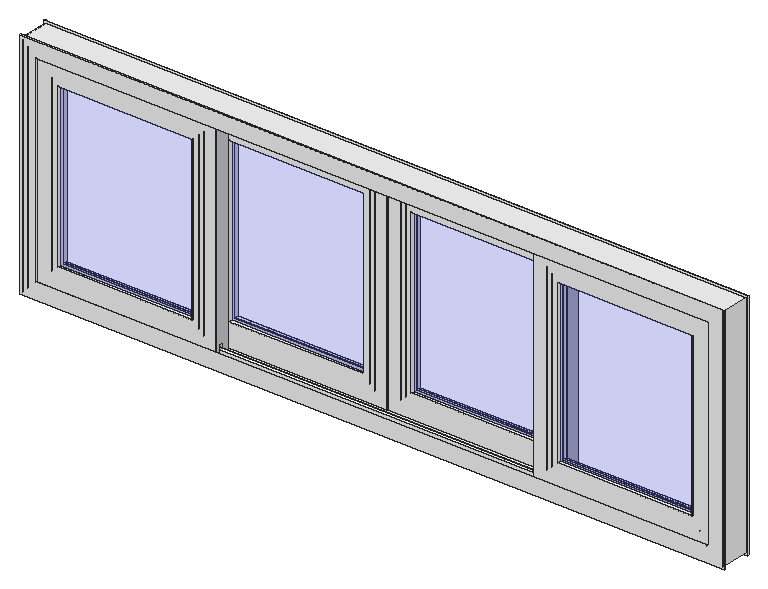
Revit family "1000_Sliding_Window_XXXX_Standard", category Windows, host Wall, Revit 2014 (continued)
Types (73, lengths in mm): name | Windload Design | Width Sash Side | Width Sash Middle | Width | Standard Interlocker | Sash Width Middle | Sash Width Sides | Sash Height | Overall Width | Overall Height | Max Pane Area | Limit Sash Width Side Max | Is Heavy Duty Mullion | Is Heavy Duty Handle | Intruderprufe U Value | Intruderprufe SHGC Value | Intruderprufe LowE U Value | Intruderprufe LowE SHGC Value | Height Sash | Height | Heavy Duty Interlocker | Heavy Duty Handle | Energy Advantage U Value | Energy Advantage SHGC Value | Custom Window Width | Custom Window Height | Custom Windload | Clearvue U Value | Clearvue SHGC Value | Area Middle Sash Glazing | Area Side Sash Glazing
  1000SW-2406XXXX-2000Pa | 2000 | 614.7 | 614.7 | 2390 | yes | 612.2 | 612.2 | 532.6 | 2400 | 1200 | 0.221011 m² | 924.5 | 0 | 0 | 5.98 | 0.627 | 5.21 | 0.438 | 1142.6 | 590 | no | no | 5.25 | 0.474 | 2390 | 590 | 2000 | 6.39 | 0.528 | 0.221011 m² | 0.221011 m²
  1000SW-2409XXXX-1500Pa | 1500 | 614.7 | 614.7 | 2390 | yes | 612.2 | 612.2 | 832.6 | 2400 | 1200 | 0.374491 m² | 924.5 | 0 | 0 | 6.13 | 0.565 | 4.89 | 0.494 | 1142.6 | 890 | no | no | 4.95 | 0.533 | 2390 | 890 | 1500 | 6.25 | 0.595 | 0.374491 m² | 0.374491 m²
  1000SW-2409XXXX-2000Pa | 2000 | 614.7 | 614.7 | 2390 | yes | 612.2 | 612.2 | 832.6 | 2400 | 1200 | 0.374491 m² | 924.5 | 0 | 0 | 6.13 | 0.565 | 4.89 | 0.494 | 1142.6 | 890 | no | no | 4.95 | 0.533 | 2390 | 890 | 2000 | 6.25 | 0.595 | 0.374491 m² | 0.374491 m²
  1000SW-2412XXXX-1500Pa | 1500 | 762.2 | 762.2 | 2390 | yes | 612.2 | 612.2 | 1132.6 | 2990 | 890 | 0.527971 m² | 924.5 | 0 | 0 | 6.06 | 0.596 | 4.73 | 0.522 | 832.6 | 1190 | no | no | 4.8 | 0.562 | 2390 | 1190 | 1500 | 6.17 | 0.628 | 0.527971 m² | 0.527971 m²
  1000SW-2412XXXX-2000Pa | 2000 | 762.2 | 762.2 | 2390 | yes | 612.2 | 612.2 | 1132.6 | 2990 | 890 | 0.527971 m² | 924.5 | 0 | 0 | 6.06 | 0.596 | 4.73 | 0.522 | 832.6 | 1190 | no | no | 4.8 | 0.562 | 2390 | 1190 | 2000 | 6.17 | 0.628 | 0.527971 m² | 0.527971 m²
  1000SW-2415XXXX-1500Pa | 1500 | 614.7 | 614.7 | 2390 | yes | 612.2 | 612.2 | 1432.6 | 2400 | 1200 | 0.681451 m² | 924.5 | 0 | 0 | 6.01 | 0.615 | 4.64 | 0.539 | 1142.6 | 1490 | no | no | 4.71 | 0.58 | 2390 | 1490 | 1500 | 6.13 | 0.647 | 0.681451 m² | 0.681451 m²
  1000SW-2415XXXX-2000Pa | 2000 | 614.7 | 614.7 | 2390 | no | 612.2 | 612.2 | 1432.6 | 2400 | 1200 | 0.681451 m² | 924.5 | 1 | 1 | 6.01 | 0.615 | 4.64 | 0.539 | 1142.6 | 1490 | yes | yes | 4.71 | 0.58 | 2390 | 1490 | 2000 | 6.13 | 0.647 | 0.681451 m² | 0.681451 m²
  1000SW-2418XXXX-1500Pa | 1500 | 614.7 | 614.7 | 2390 | no | 612.2 | 612.2 | 1732.6 | 2400 | 1200 | 0.834931 m² | 924.5 | 1 | 1 | 5.98 | 0.627 | 4.58 | 0.55 | 1142.6 | 1790 | yes | yes | 4.64 | 0.592 | 2390 | 1790 | 1500 | 6.1 | 0.661 | 0.834931 m² | 0.834931 m²
  1000SW-2418XXXX-2000Pa | 2000 | 614.7 | 614.7 | 2390 | no | 612.2 | 612.2 | 1732.6 | 2400 | 1200 | 0.834931 m² | 924.5 | 1 | 1 | 5.98 | 0.627 | 4.58 | 0.55 | 1142.6 | 1790 | yes | yes | 4.64 | 0.592 | 2390 | 1790 | 2000 | 6.1 | 0.661 | 0.834931 m² | 0.834931 m²
  1000SW-2706XXXX-1500Pa | 1500 | 687.2 | 687.2 | 2690 | yes | 687.2 | 687.2 | 532.6 | 2690 | 590 | 0.253411 m² | 1074.5 | 0 | 0 | 6.28 | 0.511 | 5.16 | 0.446 | 532.6 | 590 | no | no | 5.21 | 0.483 | 2690 | 590 | 1500 | 6.39 | 0.537 | 0.253411 m² | 0.253411 m²
  1000SW-2706XXXX-2000Pa | 2000 | 687.2 | 687.2 | 2690 | yes | 687.2 | 687.2 | 532.6 | 2690 | 590 | 0.253411 m² | 1074.5 | 0 | 0 | 6.28 | 0.511 | 5.16 | 0.446 | 532.6 | 590 | no | no | 5.21 | 0.483 | 2690 | 590 | 2000 | 6.39 | 0.537 | 0.253411 m² | 0.253411 m²
  1000SW-2709XXXX-1500Pa | 1500 | 614.7 | 614.7 | 2690 | yes | 687.2 | 687.2 | 832.6 | 2400 | 1200 | 0.429391 m² | 1074.5 | 0 | 0 | 6.12 | 0.576 | 4.84 | 0.503 | 1142.6 | 890 | no | no | 4.89 | 0.543 | 2690 | 890 | 1500 | 6.24 | 0.606 | 0.429391 m² | 0.429391 m²
  1000SW-2709XXXX-2000Pa | 2000 | 614.7 | 614.7 | 2690 | yes | 687.2 | 687.2 | 832.6 | 2400 | 1200 | 0.429391 m² | 1074.5 | 0 | 0 | 6.12 | 0.576 | 4.84 | 0.503 | 1142.6 | 890 | no | no | 4.89 | 0.543 | 2690 | 890 | 2000 | 6.24 | 0.606 | 0.429391 m² | 0.429391 m²
  1000SW-2712XXXX-1500Pa | 1500 | 762.2 | 762.2 | 2690 | yes | 687.2 | 687.2 | 1132.6 | 2990 | 890 | 0.605371 m² | 1074.5 | 0 | 0 | 6.05 | 0.607 | 4.68 | 0.532 | 832.6 | 1190 | no | no | 4.74 | 0.573 | 2690 | 1190 | 1500 | 6.17 | 0.64 | 0.605371 m² | 0.605371 m²
  1000SW-2712XXXX-2000Pa | 2000 | 762.2 | 762.2 | 2690 | yes | 687.2 | 687.2 | 1132.6 | 2990 | 890 | 0.605371 m² | 1074.5 | 0 | 0 | 6.05 | 0.607 | 4.68 | 0.532 | 832.6 | 1190 | no | no | 4.74 | 0.573 | 2690 | 1190 | 2000 | 6.17 | 0.64 | 0.605371 m² | 0.605371 m²
  1000SW-2715XXXX-1500Pa | 1500 | 614.7 | 614.7 | 2690 | yes | 687.2 | 687.2 | 1432.6 | 2400 | 1200 | 0.781351 m² | 1074.5 | 0 | 1 | 6 | 0.627 | 4.58 | 0.549 | 1142.6 | 1490 | no | yes | 4.64 | 0.591 | 2690 | 1490 | 1500 | 6.12 | 0.66 | 0.781351 m² | 0.781351 m²
  1000SW-2715XXXX-2000Pa | 2000 | 614.7 | 614.7 | 2690 | no | 687.2 | 687.2 | 1432.6 | 2400 | 1200 | 0.781351 m² | 1074.5 | 1 | 1 | 6 | 0.627 | 4.58 | 0.549 | 1142.6 | 1490 | yes | yes | 4.64 | 0.591 | 2690 | 1490 | 2000 | 6.12 | 0.66 | 0.781351 m² | 0.781351 m²
  1000SW-2718XXXX-1500Pa | 1500 | 614.7 | 614.7 | 2690 | no | 687.2 | 687.2 | 1732.6 | 2400 | 1200 | 0.957331 m² | 1074.5 | 1 | 1 | 5.97 | 0.639 | 4.52 | 0.56 | 1142.6 | 1790 | yes | yes | 4.58 | 0.603 | 2690 | 1790 | 1500 | 6.09 | 0.673 | 0.957331 m² | 0.957331 m²
  1000SW-2718XXXX-2000Pa | 2000 | 614.7 | 614.7 | 2690 | no | 687.2 | 687.2 | 1732.6 | 2400 | 1200 | 0.957331 m² | 1074.5 | 1 | 1 | 5.97 | 0.639 | 4.52 | 0.56 | 1142.6 | 1790 | yes | yes | 4.58 | 0.603 | 2690 | 1790 | 2000 | 6.09 | 0.673 | 0.957331 m² | 0.957331 m²
  1000SW-3006XXXX-1500Pa | 1500 | 614.7 | 614.7 | 2990 | yes | 762.2 | 762.2 | 532.6 | 2400 | 1200 | 0.285811 m² | 1224.5 | 0 | 0 | 6.27 | 0.518 | 5.13 | 0.452 | 1142.6 | 590 | no | no | 5.17 | 0.489 | 2990 | 590 | 1500 | 6.39 | 0.545 | 0.285811 m² | 0.285811 m²
  1000SW-3006XXXX-2000Pa | 2000 | 614.7 | 614.7 | 2990 | yes | 762.2 | 762.2 | 532.6 | 2400 | 1200 | 0.285811 m² | 1224.5 | 0 | 0 | 6.27 | 0.518 | 5.13 | 0.452 | 1142.6 | 590 | no | no | 5.17 | 0.489 | 2990 | 590 | 2000 | 6.39 | 0.545 | 0.285811 m² | 0.285811 m²
  1000SW-3009XXXX-1500Pa | 1500 | 614.7 | 614.7 | 2990 | yes | 762.2 | 762.2 | 832.6 | 2400 | 1200 | 0.484291 m² | 1224.5 | 0 | 0 | 6.12 | 0.584 | 4.79 | 0.51 | 1142.6 | 890 | no | no | 4.85 | 0.551 | 2990 | 890 | 1500 | 6.24 | 0.615 | 0.484291 m² | 0.484291 m²
  1000SW-3009XXXX-2000Pa | 2000 | 614.7 | 614.7 | 2990 | yes | 762.2 | 762.2 | 832.6 | 2400 | 1200 | 0.484291 m² | 1224.5 | 0 | 0 | 6.12 | 0.584 | 4.79 | 0.51 | 1142.6 | 890 | no | no | 4.85 | 0.551 | 2990 | 890 | 2000 | 6.24 | 0.615 | 0.484291 m² | 0.484291 m²
  1000SW-3012XXXX-1500Pa | 1500 | 762.2 | 762.2 | 2990 | yes | 762.2 | 762.2 | 1132.6 | 2990 | 890 | 0.682771 m² | 1224.5 | 0 | 0 | 6.04 | 0.616 | 4.63 | 0.539 | 832.6 | 1190 | no | no | 4.69 | 0.581 | 2990 | 1190 | 1500 | 6.16 | 0.649 | 0.682771 m² | 0.682771 m²
  1000SW-3012XXXX-2000Pa | 2000 | 762.2 | 762.2 | 2990 | yes | 762.2 | 762.2 | 1132.6 | 2990 | 890 | 0.682771 m² | 1224.5 | 0 | 0 | 6.04 | 0.616 | 4.63 | 0.539 | 832.6 | 1190 | no | no | 4.69 | 0.581 | 2990 | 1190 | 2000 | 6.16 | 0.649 | 0.682771 m² | 0.682771 m²
  1000SW-3015XXXX-1500Pa | 1500 | 614.7 | 614.7 | 2990 | yes | 762.2 | 762.2 | 1432.6 | 2400 | 1200 | 0.881251 m² | 1224.5 | 0 | 1 | 6 | 0.636 | 4.53 | 0.557 | 1142.6 | 1490 | no | yes | 4.59 | 0.599 | 2990 | 1490 | 1500 | 6.12 | 0.669 | 0.881251 m² | 0.881251 m²
  1000SW-3015XXXX-2000Pa | 2000 | 614.7 | 614.7 | 2990 | no | 762.2 | 762.2 | 1432.6 | 2400 | 1200 | 0.881251 m² | 1224.5 | 1 | 1 | 6 | 0.636 | 4.53 | 0.557 | 1142.6 | 1490 | yes | yes | 4.59 | 0.599 | 2990 | 1490 | 2000 | 6.12 | 0.669 | 0.881251 m² | 0.881251 m²
  1000SW-3018XXXX-1500Pa | 1500 | 762.2 | 762.2 | 2990 | no | 762.2 | 762.2 | 1732.6 | 2990 | 1790 | 1.07973 m² | 1224.5 | 1 | 1 | 5.97 | 0.649 | 4.47 | 0.568 | 1732.6 | 1790 | yes | yes | 4.53 | 0.611 | 2990 | 1790 | 1500 | 6.09 | 0.683 | 1.07973 m² | 1.07973 m²
  1000SW-3018XXXX-2000Pa | 2000 | 762.2 | 762.2 | 2990 | no | 762.2 | 762.2 | 1732.6 | 2990 | 1790 | 1.07973 m² | 1224.5 | 1 | 1 | 5.97 | 0.649 | 4.47 | 0.568 | 1732.6 | 1790 | yes | yes | 4.53 | 0.611 | 2990 | 1790 | 2000 | 6.09 | 0.683 | 1.07973 m² | 1.07973 m²
  1000SW-2112XXXX-1500Pa | 1500 | 762.2 | 762.2 | 2090 | yes | 537.2 | 537.2 | 1132.6 | 2990 | 890 | 0.450571 m² | 774.5 | 0 | 0 | 6.07 | 0.582 | 4.81 | 0.51 | 832.6 | 1190 | no | no | 4.87 | 0.549 | 2090 | 1190 | 1500 | 6.8 | 0.612 | 0.450571 m² | 0.450571 m²
